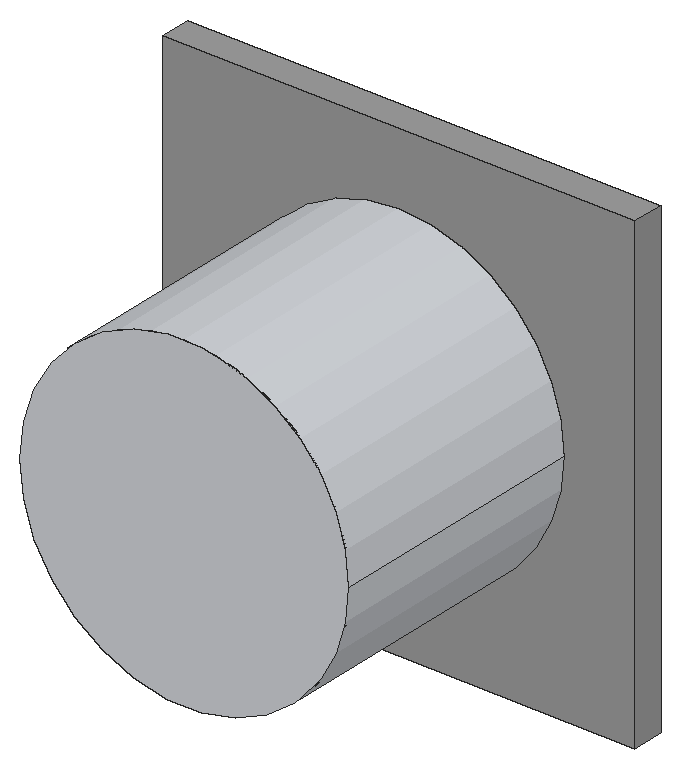
Revit family "BVN_EF", category Mechanical Equipment, host Wall, Revit 2019
Family settings
  Host = Wall
  Round Connector Dimension = Use Diameter
  Part Type = Normal
  Always vertical = Yes
  Cut with Voids When Loaded = No
  Shared = No
  Room Calculation Point = No
Parameters (values of type "EF 1530")
  Weight = 0.71 kg
  Voltage = 230 V
  URL = "http://www.bahcivanmotor.com.tr/index.php"
  Speed(d/d) = 2000
  Sound Pressure = 43
  Protection Class = 20
  Power = 21 W
  Pieces In Box = 16
  Model = "EF"
  Material Fan = none
  Material Cover = Default
  Manufacturer = "http://www.bahcivanmotor.com.tr/iletisim.php"
  Insulation Class = "B"
  Frequency = 50 Hz
  E'' = E - 10 mm  # 135 mm
  E = 145 mm
  Description = "Plastic Fan"
  E' = E + 40 mm  # 185 mm
  D = 118 mm
  Current = 0.13 W
  C = -14 mm
  B = 208 mm
  Air Flow = 300.00 m³/h
  A = 208 mm
Types (3, lengths in mm): name | Weight | Speed(d/d) | Sound Pressure | Power | Pieces In Box | Material Fan | Material Cover | E'' | E | E' | D | Current | C | B | Air Flow | A
  EF 1009 | 0.50 kg | 2600 | 40 | 13 W | 24 | Stainless Steel | Stainless Steel | 87.5 | 97.5 | 137.5 | 70 | 0.09 W | -12 | 160 | 100.00 m³/h | 160
  EF 1219 | 0.55 kg | 2400 | 41 | 14 W | 20 | none | Default | 108 | 118 | 158 | 76 | 0.09 W | -14 | 188 | 200.00 m³/h | 188
  EF 1530 | 0.71 kg | 2000 | 43 | 21 W | 16 | none | Default | 135 | 145 | 185 | 118 | 0.13 W | -14 | 208 | 300.00 m³/h | 208
Reference planes
  plane 1 "Wall": y = 0
  plane 2 "Center (Left/Right)": x = 125
  plane 3 "Back": y = 75
  plane 4: z = 1823.331
  plane 5 "D": y = -25
Forms (mm)
  Extrusion 1, solid, material "Default" <- "Material Cover"
    sketch origin (0, 75, 0) x (1, 0, 0) y (0, 0, 1)
      loop
        line (229, 1927.331) -> (21, 1927.331) -> (21, 1719.331) -> (229, 1719.331) -> (229, 1927.331)
    from 0 to -14 <- "C"
  Extrusion 2, solid
    sketch origin (0, 75, 0) x (1, 0, 0) y (0, 0, 1)
      loop
        circle (125, 1823.331) r 72.5
    from 0 to 118 <- "D"
  Extrusion 3, void
    sketch origin (0, 75, 0) x (1, 0, 0) y (0, 0, 1)
      loop
        circle (125, 1823.331) r 92.5
    from 0 to 200
  Extrusion 4, void
    sketch origin (0, 75, 0) x (-1, 0, 0) y (0, 0, 1)
      loop
        circle (-125, 1823.331) r 67.5
    from -15 to 25
Cuts and joins
  Extrusion 4 cuts Extrusion 1
  Extrusion 4 cuts Extrusion 2
Text (mm)
  text "Placement Side" at (-1848.837, 1116.779, 0), in view "Ref. Level"
  text "Placement side" at (0, 1409.804, 2854.306), in view "Left"
  text "Placement side" at (0, 499.811, 2980.732), in view "Right"
Dimensions and locks
  locked: plane 3 "Back" to host wall
  plane 5 "D" to plane 3 "Back" = 100 mm
  plane 4 to level = 1823.331 mm
  equal spacing: Extrusion 1 sketch curve, plane 2 "Center (Left/Right)", Extrusion 1 sketch curve
  equal spacing: Extrusion 1 sketch curve, plane 4, Extrusion 1 sketch curve
  "B": Extrusion 1 sketch curve to Extrusion 1 sketch curve
  "A": Extrusion 1 sketch curve to Extrusion 1 sketch curve
  locked: Extrusion 2 sketch curve to plane 4
  locked: Extrusion 2 sketch curve to plane 2 "Center (Left/Right)"
  locked: Extrusion 3 sketch curve to plane 4
  locked: Extrusion 3 sketch curve to plane 2 "Center (Left/Right)"
  locked: plane 2 "Center (Left/Right)" to Extrusion 4 sketch curve
  locked: plane 4 to Extrusion 4 sketch curve
  "E": diameter of Extrusion 2 sketch curve
  "E'": diameter of Extrusion 3 sketch curve
  "E''": diameter of Extrusion 4 sketch curve
  aligned and locked: plane 1 "Wall" to host wall
